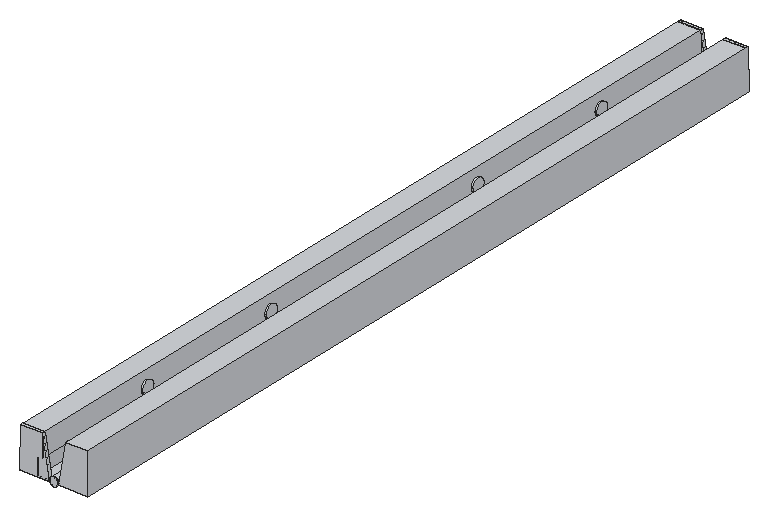
Revit family "MF_OUTSIDE HINGED CORNER 8'_1904165", category Generic Models, Revit 2018
Family settings
  Can host rebar = No
  Round Connector Dimension = Use Diameter
  Part Type = Normal
  OmniClass Number = 35.51.14.00
  OmniClass Title = FORMWORK
  Work Plane-Based = Yes
  Always vertical = No
  Cut with Voids When Loaded = No
  Shared = Yes
  Room Calculation Point = No
Parameters
  VERSION = "20190101"  # constant formula
  URL = "www.ulmaconstruction.com/en"
  UNICLASS = ""
  REAL ANGLE [instance] = if(ANGLE < 65.00°, 65.00°, if(ANGLE < 180.00°, ANGLE, 180.00°))  # 180.00°
  ITEM_CODE = "1904165"
  Manufacturer = "ULMA CONSTRUCTION"  # constant formula
  INSERTION PLANE [instance] = if(REAL ANGLE = 180.00°, 0", (0.15748") / cos(90.00° - REAL ANGLE) + 0.15748" * tan(90.00° - REAL ANGLE))  # 0"
  FILTER [instance] = ""
  Default Elevation = 0"
  CLASSIFICATION_TITLE = ""
  CLASSIFICATION_NUMBER = ""
  ANGLE [instance] = 180.00°
Reference planes (in)
  plane 1 "Centro (Frontal/Posterior)": y = 0
  plane 2: z = 0
  plane 3 "Centro (Izquierda/Derecha)": x = 0
  plane 4 "ITEM_HEIGHT": y = 96
  plane 5 "CENTER": z = 0.15748
  plane 6 "INSERTION PLANE": x = 0
Lines and regions (in)
  reference lines
    curve 1: line (0, 0, 0.15748) -> (8.2515, 0, 0.15748)
Dimensions and locks (in)
  plane 1 "Centro (Frontal/Posterior)" to plane 4 "ITEM_HEIGHT" = 96"
  locked: plane 5 "CENTER" to plane 2 at 0.15748
  "INSERTION PLANE": plane 3 "Centro (Izquierda/Derecha)" to plane 6 "INSERTION PLANE"
  "REAL ANGLE": angle plane 5 "CENTER" to curve 1
  aligned and locked: level to plane 2
  aligned and locked: plane 3 "Centro (Izquierda/Derecha)" to curve 1
  aligned and locked: plane 5 "CENTER" to curve 1
  aligned and locked: plane 4 "ITEM_HEIGHT" to nested 2
Nested families (in)
  nested 1: "MEDIA ESCUADRA EXT 8' - 1904947_PANELS" at (0, 0, 0), type "MEDIA ESCUADRA EXT 8' - 1904947_PANELS"
    with FILTER ""
  nested 2: "MEDIA ESCUADRA EXT 8' - 1904947_PANELS" at (0, 96, 0) x (-1, 0, 0) z (0, 0, 1), type "MEDIA ESCUADRA EXT 8' - 1904947_PANELS"
    with FILTER ""
Definition of nested family "MEDIA ESCUADRA EXT 8' - 1904947_PANELS"
  Parameters (values of type "MEDIA ESCUADRA EXT 8' - 1904947_PANELS")
    VERSION = "20190101"  # constant formula
    URL = "www.ulmaconstruction.com/en"
    UNICLASS = ""
    Manufacturer = "ULMA CONSTRUCTION"  # constant formula
    FILTER [instance] = ""
    Default Elevation = 0"
    CLASSIFICATION_TITLE = ""
    CLASSIFICATION_NUMBER = ""
  Reference planes (in)
    plane 1 "Centro (Frontal/Posterior)": y = 0
    plane 2: z = 0
    plane 3 "Centro (Izquierda/Derecha)": x = 0
  Forms (in)
    Extrusion 1, solid
      sketch origin (0, 0, 0) x (1, 0, 0) y (0, 0, 1)
        loop
          circle (0, 0.15748) r 0.49213
      from -96 to 0
    Extrusion 2, solid, detail levels fine
      sketch origin (0, 0, 0) x (1, 0, 0) y (0, 0, 1)
        loop
          line (-3.93701, 4.72441) -> (-3.93701, 0) -> (-0.49213, 0) -> (-1.37063, 4.72441) -> (-3.93701, 4.72441)
      from -0.31496 to 0
    Extrusion 3, solid
      sketch origin (0, 0, 0) x (1, 0, 0) y (0, 0, 1)
        loop
          line (-1.37795, 4.72441) -> (-3.93701, 4.72441) -> (-3.93701, 0) -> (-0.49213, 0) -> (-0.64961, 0.15748) -> (-1.87008, 0.15748) -> (-1.87008, 1.99583) -> (-1.37795, 2.20472) -> (-1.37795, 4.72441)
      from -96 to 0
    Extrusion 4, solid, detail levels fine
      sketch origin (0, 117.95276, 0) x (1, 0, 0) y (0, 0, 1)
        loop
          line (-3.93701, 4.72441) -> (-3.93701, 0) -> (-0.49213, 0) -> (-1.37063, 4.72441) -> (-3.93701, 4.72441)
      from 21.95276 to 22.26772
    Extrusion 5, solid, detail levels fine
      sketch origin (0, 0, 0) x (0, 1, 0) y (0, 0, 1)
        loop
          circle (15, 3.03937) r 0.74803
        loop
          circle (33, 3.03937) r 0.74803
        loop
          circle (63, 3.03937) r 0.74803
        loop
          circle (81, 3.03937) r 0.74803
      from -1.37795 to -1.06299
  Lines and regions (in)
    model lines, detail levels fine
      curve 1: circle (-1.06299, 15, 3.03937) r 0.43307 normal (1, 0, 0)
      curve 2: circle (-1.06299, 33, 3.03937) r 0.43307 normal (1, 0, 0)
      curve 3: circle (-1.06299, 63, 3.03937) r 0.43307 normal (1, 0, 0)
      curve 4: circle (-1.06299, 81, 3.03937) r 0.43307 normal (1, 0, 0)
      curve 5: circle (-3.93701, 15, 3.03937) r 0.43307 normal (1, 0, 0)
      curve 6: circle (-3.93701, 33, 3.03937) r 0.43307 normal (1, 0, 0)
      curve 7: circle (-3.93701, 63, 3.03937) r 0.43307 normal (1, 0, 0)
      curve 8: circle (-3.93701, 81, 3.03937) r 0.43307 normal (1, 0, 0)
  Dimensions and locks (in)
    aligned and locked: level to plane 2
